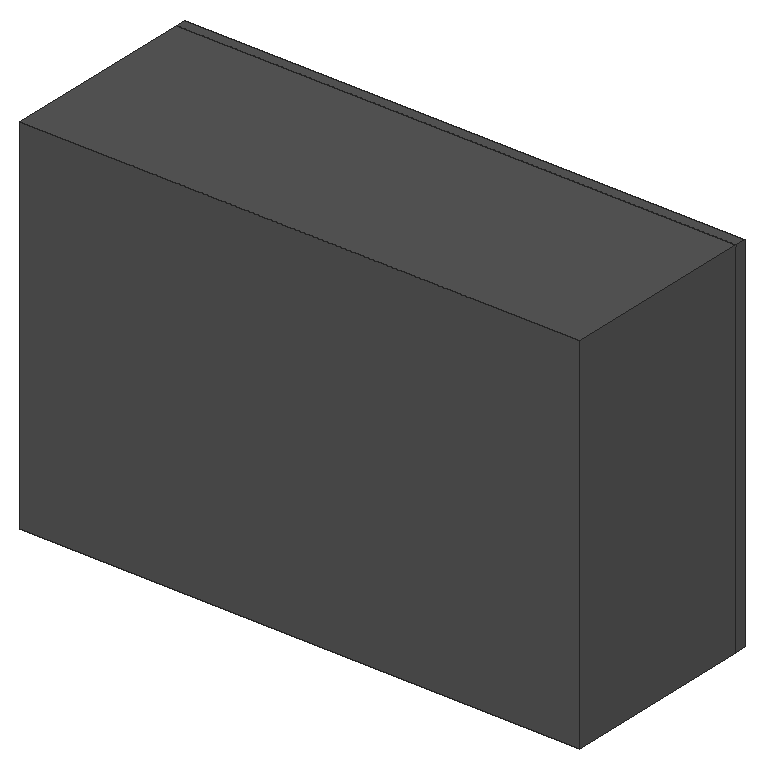
Revit family "ERA_LF_WR_LPR-021", category Осветительные приборы, Revit 2019
Family settings
  Размер круглого соединителя = Использовать диаметр
  Тип детали = Нормальный
  Номер OmniClass = 23.80.70.00
  Заголовок OmniClass = Lighting
  На основе рабочей плоскости = Нет
  Всегда вертикально = Да
  При загрузке вырезать с полостями = Нет
  Источник света = Да
  Общий = Нет
  Точка расчета площади = Да
Parameters (values of type "LPR-021-0-30K-010, LED, IP65, 95х62х35 мм (ДхШхВ), 10 Вт, 3000 К, 620 лм, класс защиты I, в комплекте (линейный ac/dc без гальваничесокй развязки)")
  built-in parameter 1150104 = 13.8 (stored number, unit not read)
  built-in parameter 1150134 = 3
  Photometric Web File = "LPR-021-0-30K-010.ies"
  Tilt Angle = 90.00°
  УГО_Смещение по оси Y [instance] = 1000.00 mm
  УГО_Смещение по оси X [instance] = 1000.00 mm
  built-in parameter 1150137 = (empty or 0)
  built-in parameter 1150132 = 2
  built-in parameter 1150114 = 1 (stored number, unit not read)
  Dimming Lamp Color Temperature Shift = (empty or 0)
  built-in parameter 1150105 = 486.97 (stored number, unit not read)
  Color Filter = 16777215
  Lumens = 620 lm
  built-in parameter 1150109 = 1 (stored number, unit not read)
  built-in parameter 1150112 = 1 (stored number, unit not read)
  built-in parameter 1150110 = 1 (stored number, unit not read)
  built-in parameter 1150113 = 1 (stored number, unit not read)
  built-in parameter 1150115 = 1 (stored number, unit not read)
  built-in parameter 1114218 = 1 (stored number, unit not read)
  built-in parameter 1114217 = 1 (stored number, unit not read)
  built-in parameter 1150106 = 4.8697 (stored number, unit not read)
  built-in parameter 1150142 = "IESNA:LM-63-1995\r\n[DATA] 28.01.2020\r\n[MANUFAC]??РА\r\n[LUMCAT] \r\n[LUMINAIRE]  LPR-021-0-30K-010\r\n[LAMP] Светодиодный модуль\r\nTILT=NONE\r\n1 700 0.611 91 2 1 2 0.062 0.095 0.035\r\n1 1 8.2\r\n0 1 2 3 4 5 6 7 8 9 10 11 12 13 14 15 16 17 18 19 20 21 22 23 24 25 26 27 28 29 30 31 32 33 34 35 36 37 38 39 40 41 42 43 44 45 46 47 48 49 50 51 52 53 54 55 56 57 58 59 60 61 62 63 64 65 66 67 68 69 70 71 72 73 74 75 76 77 78 79 80 81 82 83 84 85 86 87 88 89 90 \r\n0 90 \r\n377.3 377.2 377.1 376.7 376.7 375.9 374.9 374.4 373 371.9 370.7 369.4 368.2 366.8 364.9 363.6 361.7 359.3 357.1 355.3 353.5 351.3 348.4 345.5 342.7 340.2 337.4 334.2 330.8 327.5 324 320.9 317.3 313.6 309.8 305.8 301.7 297.4 292.8 288.2 283.3 278.4 273.4 267.8 262.5 257 251.4 245.6 239.5 233.2 226.7 220.2 213.7 207.1 200.6 194 186.8 179.2 171.4 163.5 155.8 148 140.1 131.6 122.6 112.9 102.6 92.2 82.6 74 65.9 57.4 48.9 40.8 33.6 27.1 21 15.7 11.3 7.7 5.1 3.4 2.2 1.6 0 0 0 0 0 0 0\r\n377.3 377.2 377.1 376.7 376.7 375.9 374.9 374.4 373 371.9 370.7 369.4 368.2 366.8 364.9 363.6 361.7 359.3 357.1 355.3 353.5 351.3 348.4 345.5 342.7 340.2 337.4 334.2 330.8 327.5 324 320.9 317.3 313.6 309.8 305.8 301.7 297.4 292.8 288.2 283.3 278.4 273.4 267.8 262.5 257 251.4 245.6 239.5 233.2 226.7 220.2 213.7 207.1 200.6 194 186.8 179.2 171.4 163.5 155.8 148 140.1 131.6 122.6 112.9 102.6 92.2 82.6 74 65.9 57.4 48.9 40.8 33.6 27.1 21 15.7 11.3 7.7 5.1 3.4 2.2 1.6 0 0 0 0 0 0 0\r\n"
  built-in parameter 1150133 = 10 (stored number, unit not read)
  Wattage = 9.2903 W
  built-in parameter 1150139 = (empty or 0)
  built-in parameter 1150138 = (empty or 0)
  built-in parameter 1150107 = 3000 (stored number, unit not read)
  built-in parameter 1150102 = (empty or 0)
  Emit from Rectangle Width = _Корпус_Ширина  # 62.00 mm
  Emit from Rectangle Length = _Корпус_Длина  # 95.00 mm
  Emit Shape Visible in Rendering = no
  _УГО_Ширина = if(_Корпус_Ширина / УГО_Масштаб < 1.00 mm, 1.00 mm, _Корпус_Ширина / УГО_Масштаб)  # 1.00 mm
  УГО_Масштаб = 100
  _УГО_Длина = if(_Корпус_Длина / УГО_Масштаб < 1.00 mm, 1.00 mm, _Корпус_Длина / УГО_Масштаб)  # 1.00 mm
  _УГО_Диаметр = if(_Корпус_Длина / УГО_Масштаб < 1.00 mm, 1.00 mm, _Корпус_Длина / УГО_Масштаб)  # 1.00 mm
  УГО_Видимость [instance] = not(УГО_Реальный размер)  # yes
  УГО_Аварийный [instance] = no
  Тип установки = "Настенный"
  Степень защиты IP = "IP65"
  Разработчик модели = "https://www.teslabim.ru"
  _Корпус_Ширина = if(ADSK_Размер_Ширина < 1.00 mm, 1.00 mm, ADSK_Размер_Ширина)  # 62.00 mm
  _Корпус_Длина = if(ADSK_Размер_Длина < 1.00 mm, 1.00 mm, ADSK_Размер_Длина)  # 95.00 mm
  built-in parameter 1114216 [instance] = 1 (stored number, unit not read)
  Цвет = Чёрный
  УГО_Реальный размер [instance] = no
  Description = ""
  Lamp = ""
  Комплект = "Линейный AC/DC без гальваничесокй развязки"
  Класс пожароопасности = "Нет"
  Класс защиты = "I"
  Источник света = "LED"
  Manufacturer = ""
  Геометрия изделия = "Прямоугольный"
  _Корпус_Диаметр = if(ADSK_Размер_Диаметр < 1.00 mm, 1.00 mm, ADSK_Размер_Диаметр)  # 1.00 mm
  _Корпус_Высота = if(ADSK_Размер_Высота < 1.00 mm, 1.00 mm, ADSK_Размер_Высота)  # 35.00 mm
  URL = "https://www.eraworld.ru/catalog/2648968"
  ADSK_Размер_Ширина = 62.00 mm
  ADSK_Размер_Длина = 95.00 mm
  ADSK_Размер_Диаметр = 0.00 mm
  ADSK_Примечание = "Линейный AC/DC без гальваничесокй развязки"
  ADSK_Полная мощность = ADSK_Номинальная мощность / ADSK_Коэффициент мощности  # 11.1111 VA
  ADSK_Позиция = ""
  ADSK_Номинальная мощность = 10 W
  ADSK_Напряжение = 230 V
  ADSK_Наименование краткое = "Светильник"
  ADSK_Масса = 0.13
  ADSK_Марка = "LPR-021-0-30K-010"
  ADSK_Коэффициент мощности = 0.9
  ADSK_Количество фаз = 1
  ADSK_Код изделия = ""
  ADSK_Классификация нагрузок = Освещение
  ADSK_Размер_Высота = 35.00 mm
  ADSK_Обозначение = ADSK_Марка  # "LPR-021-0-30K-010"
  ADSK_Наименование = "Светильник, LED, прямоугольный, настенный, IP65, 95х62х35 мм (ДхШхВ), 10 Вт, 3000 К, 620 лм, класс защиты I, в комплекте (линейный ac/dc без гальваничесокй развязки)"
  ADSK_Завод-изготовитель = "ЭРА"
  ADSK_Единица измерения = "шт."
Reference planes
  plane 1 "По центру (Вперед/Назад)": y = 0
  plane 2: z = 0
  plane 3 "По центру (Влево/Вправо)": x = 0
  plane 4 "X": x = 1000
  plane 5 "Y": y = -900
  plane 6 "ИС": y = 35
Lines and regions (mm)
  reference lines
    curve 1: line (50, 100, 0) -> (150, 100, 0)
    curve 2: line (0, -50, 0) -> (0, 50, 0)
  reference lines, not visible
    curve 3: line (651.535, -544.594, 0) -> (751.535, -544.594, 0)
    curve 4: line (601.535, -694.594, 0) -> (601.535, -594.594, 0)
Dimensions and locks
  "УГО_Смещение по оси X": curve 2 to plane 4 "X"
  "УГО_Смещение по оси Y": plane 5 "Y" to curve 1
  "_Корпус_Высота": plane 6 "ИС" to plane 1 "По центру (Вперед/Назад)"
  "_Корпус_Высота": plane 1 "По центру (Вперед/Назад)" to plane 6 "ИС"
  aligned and locked: level to plane 2
  aligned and locked: nested 1 to plane 3 "По центру (Влево/Вправо)"
  aligned and locked: nested 1 to plane 2
  aligned and locked: plane 2 to imposter light
  aligned and locked: imposter light to plane 6 "ИС"
  aligned and locked: nested 2 to curve 1
  aligned and locked: curve 2 to nested 2
Nested families
  nested 1: "GM_ОП_Пр_Корпус" at (0, 0, 0) x (0, 0, -1) z (0, 1, 0), type "GM_ОП_Пр_Корпус"
    with Рассеиватель_Высота 1.75 mm, Корпус_Ширина 62.00 mm, Корпус_Длина 95.00 mm, Корпус_Высота 35.00 mm, Кант_Ширина 3.10 mm
  nested 2: "GA_УГО_ОП_н_Пр" at (0, 100, 0), visible <- "УГО_Видимость", type "GA_УГО_ОП_н_Пр", detail levels coarse+medium
    with Аварийный no
Connectors
  electrical at (0, 0, 0), driven by "ADSK_Коэффициент мощности", driven by "ADSK_Количество фаз", driven by "ADSK_Классификация нагрузок", driven by "ADSK_Напряжение", driven by "ADSK_Полная мощность"
    settings: index 1, voltage 230 V, apparent load 11.1111 VA, apparent load phase1 0 VA, apparent load phase2 0 VA, apparent load phase3 0 VA, power factor 0.9, load classification "Освещение", number of poles 1, system type 30, power factor state 1, is connector primary yes, connector utility no, sub classification motor no, connector description ""
Definition of nested family "GM_ОП_Пр_Корпус"
  Parameters (values of type "GM_ОП_Пр_Корпус")
    Рассеиватель_Высота = Корпус_Высота * 0.05  # 1.25 mm
    Корпус_Ширина = 42.00 mm
    Цвет = none
    Реальный размер = no
    Default Elevation = 0.00 mm
    Корпус_Длина = 260.00 mm
    Корпус_Высота = 25.00 mm
    Кант_Ширина = Корпус_Ширина * 0.05  # 2.10 mm
  Reference planes
    plane 1 "По центру (Вперед/Назад)": y = 0
    plane 2: z = 0
    plane 3 "По центру (Влево/Вправо)": x = 0
    plane 4 "Ш1": x = 21
    plane 5 "Ш2": x = -21
    plane 6 "Д1": y = 130
    plane 7 "Д2": y = -130
    plane 8 "В": z = 25
    plane 9 "Р": z = 23.75
  Forms (mm)
    Extrusion 1, solid, material <- "Цвет", detail levels fine
      sketch origin (0, 0, 0) x (1, 0, 0) y (0, 1, 0)
        loop
          line (21, -130) -> (21, 130) -> (-21, 130) -> (-21, -130) -> (21, -130)
      from 0 to 23.75
    Extrusion 2, solid, visible <- "Реальный размер", detail levels coarse+medium
      sketch origin (0, 0, 0) x (1, 0, 0) y (0, 1, 0)
        loop
          line (-21, 130) -> (-21, -130) -> (21, -130) -> (21, 130) -> (-21, 130)
      from 0 to 25 <- "Корпус_Высота"
  Dimensions and locks
    equal spacing: plane 5 "Ш2", plane 3 "По центру (Влево/Вправо)", plane 4 "Ш1"
    "Корпус_Ширина": plane 5 "Ш2" to plane 4 "Ш1"
    equal spacing: plane 6 "Д1", plane 1 "По центру (Вперед/Назад)", plane 7 "Д2"
    "Корпус_Длина": plane 6 "Д1" to plane 7 "Д2"
    "Корпус_Высота": plane 2 to plane 8 "В"
    "Рассеиватель_Высота": plane 9 "Р" to plane 8 "В"
    aligned and locked: level to plane 2
    aligned and locked: Extrusion 1 to plane 5 "Ш2"
    aligned and locked: Extrusion 1 to plane 4 "Ш1"
    aligned and locked: Extrusion 1 to plane 6 "Д1"
    aligned and locked: plane 7 "Д2" to Extrusion 1
    aligned and locked: plane 6 "Д1" to Extrusion 2 sketch curve
    aligned and locked: Extrusion 2 sketch curve to plane 7 "Д2"
    aligned and locked: Extrusion 2 sketch curve to plane 5 "Ш2"
    aligned and locked: plane 4 "Ш1" to Extrusion 2 sketch curve
    aligned and locked: Extrusion 1 to plane 2
    aligned and locked: Extrusion 2 to plane 2
    aligned and locked: nested 1 to plane 8 "В"
    aligned and locked: plane 3 "По центру (Влево/Вправо)" to nested 1
    aligned and locked: plane 1 "По центру (Вперед/Назад)" to nested 1
    aligned and locked: Extrusion 1 to plane 9 "Р"
  Automatic sketch dimensions
    Extrusion 1 sketch curve to plane 5 "Ш2" = 0.00 mm
    Extrusion 1 sketch curve to plane 4 "Ш1" = 0.00 mm
    plane 7 "Д2" to Extrusion 1 sketch curve = 0.00 mm
    plane 6 "Д1" to Extrusion 1 sketch curve = 0.00 mm
  Nested families
    nested 1: "GM_ОП_Пр_Рассеиватель" at (0, 0, 23.75), type "GM_ОП_Пр_Рассеиватель"
      with Корпус_Ширина 42.00 mm, Корпус_Длина 260.00 mm, Корпус_Высота 1.25 mm
  Definition of nested family "GM_ОП_Пр_Рассеиватель"
    Parameters (values of type "GM_ОП_Пр_Рассеиватель")
      Корпус_Ширина = 80.00 mm
      Цвет = none
      Default Elevation = 1000.00 mm
      Корпус_Длина = 100.00 mm
      Корпус_Высота = 1.30 mm
      Кант_Ширина = 5.00 mm
    Reference planes
      plane 1 "По центру (Вперед/Назад)": y = 0
      plane 2: z = 0
      plane 3 "По центру (Влево/Вправо)": x = 0
      plane 4 "Ш1": x = 40
      plane 5 "Ш2": x = -40
      plane 6 "Д1": y = 50
      plane 7 "Д2": y = -50
    Forms (mm)
      Extrusion 1, solid, material <- "Цвет", detail levels fine
        sketch origin (0, 0, 0) x (1, 0, 0) y (0, 1, 0)
          loop
            line (40, -50) -> (40, 50) -> (-40, 50) -> (-40, -50) -> (40, -50)
          loop
            line (-35, 45) -> (-35, -45) -> (35, -45) -> (35, 45) -> (-35, 45)
        from 0 to 1.3 <- "Корпус_Высота"
      Extrusion 2, solid, detail levels fine
        sketch origin (20, -32.684, 0) x (1, 0, 0) y (0, 1, 0)
          loop
            line (-55, 77.684) -> (-55, -12.316) -> (15, -12.316) -> (15, 77.684) -> (-55, 77.684)
        from 0 to 1.3 <- "Корпус_Высота"
    Dimensions and locks
      equal spacing: plane 5 "Ш2", plane 3 "По центру (Влево/Вправо)", plane 4 "Ш1"
      "Корпус_Ширина": plane 5 "Ш2" to plane 4 "Ш1"
      equal spacing: plane 6 "Д1", plane 1 "По центру (Вперед/Назад)", plane 7 "Д2"
      "Корпус_Длина": plane 6 "Д1" to plane 7 "Д2"
      "Кант_Ширина": plane 5 "Ш2" to Extrusion 2 sketch curve
      "Кант_Ширина": Extrusion 2 sketch curve to plane 4 "Ш1"
      "Кант_Ширина": plane 6 "Д1" to Extrusion 2 sketch curve
      "Кант_Ширина": plane 7 "Д2" to Extrusion 2 sketch curve
      aligned and locked: level to plane 2
      aligned and locked: plane 5 "Ш2" to Extrusion 1
      aligned and locked: Extrusion 1 to plane 4 "Ш1"
      aligned and locked: Extrusion 1 to plane 6 "Д1"
      aligned and locked: plane 7 "Д2" to Extrusion 1
      aligned and locked: Extrusion 1 to plane 2
      aligned and locked: Extrusion 1 sketch curve to Extrusion 2  (x4)
    Automatic sketch dimensions
      Extrusion 1 sketch curve to plane 5 "Ш2" = 0.00 mm
      Extrusion 1 sketch curve to plane 4 "Ш1" = 0.00 mm
      plane 7 "Д2" to Extrusion 1 sketch curve = 0.00 mm
      plane 6 "Д1" to Extrusion 1 sketch curve = 0.00 mm
Definition of nested family "GA_УГО_ОП_н_Пр"
  Parameters (values of type "GA_УГО_ОП_н_Пр")
    Ширина = 1.00 mm
    Длина = 1.00 mm
    Аварийный = yes
  Reference planes
    plane 1: y = 0
    plane 2: x = 0
  Lines and regions (mm)
    Masking region 1
      outline origin (-3.791, 0.433, 0) x (1, 0, 0) y (0, 1, 0)
        loop
          line (3.291, 0.567) -> (3.291, -0.433) -> (4.291, -0.433) -> (4.291, 0.567) -> (3.291, 0.567)
    reference lines
      curve 1: line (0.5, 2, 0) -> (0.5, 1, 0)
      curve 2: line (0.5, 1, 0) -> (1.5, 1, 0)
    reference lines, not visible
      curve 3: line (1.88, 1.985, 0) -> (1.88, 0.985, 0)
      curve 4: line (1.88, 0.985, 0) -> (2.88, 0.985, 0)
  Text (mm)
    text "А" at (0.659, 3.406, 0), visible <- "Аварийный"
    text "А" at (2.039, 3.391, 0), visible <- "Аварийный", not visible
  Dimensions and locks
    equal spacing: Masking region 1, plane 2, Masking region 1
    "Длина": Masking region 1 to Masking region 1
    "Ширина": plane 1 to Masking region 1
    aligned and locked: Masking region 1 sketch curve to plane 1
    aligned and locked: Masking region 1 to curve 2
    aligned and locked: curve 1 to Masking region 1
  Automatic sketch dimensions
    Masking region 1 sketch curve to plane 2 = 0.50 mm
    plane 2 to Masking region 1 sketch curve = 0.50 mm
    Masking region 1 sketch curve to plane 1 = 1.00 mm
Types (16, lengths in mm): name | Photometric Web File | Lumens | built-in parameter 1150142 | built-in parameter 1150107 | Emit from Rectangle Width | Emit from Rectangle Length | _УГО_Ширина | _УГО_Длина | _УГО_Диаметр | _Корпус_Ширина | _Корпус_Длина | _Корпус_Высота | URL | ADSK_Размер_Ширина | ADSK_Размер_Длина | ADSK_Полная мощность | ADSK_Номинальная мощность | ADSK_Масса | ADSK_Марка | ADSK_Размер_Высота | ADSK_Обозначение | ADSK_Наименование
  LPR-021-0-30K-010, LED, IP65, 95х62х35 мм (ДхШхВ), 10 Вт, 3000 К, 620 лм, класс защиты I, в комплекте (линейный ac/dc без гальваничесокй развязки) | "LPR-021-0-30K-010.ies" | 620 lm | "IESNA:LM-63-1995\r\n[DATA] 28.01.2020\r\n[MANUFAC]??РА\r\n[LUMCAT] \r\n[LUMINAIRE]  LPR-021-0-30K-010\r\n[LAMP] Светодиодный модуль\r\nTILT=NONE\r\n1 700 0.611 91 2 1 2 0.062 0.095 0.035\r\n1 1 8.2\r\n0 1 2 3 4 5 6 7 8 9 10 11 12 13 14 15 16 17 18 19 20 21 22 23 24 25 26 27 28 29 30 31 32 33 34 35 36 37 38 39 40 41 42 43 44 45 46 47 48 49 50 51 52 53 54 55 56 57 58 59 60 61 62 63 64 65 66 67 68 69 70 71 72 73 74 75 76 77 78 79 80 81 82 83 84 85 86 87 88 89 90 \r\n0 90 \r\n377.3 377.2 377.1 376.7 376.7 375.9 374.9 374.4 373 371.9 370.7 369.4 368.2 366.8 364.9 363.6 361.7 359.3 357.1 355.3 353.5 351.3 348.4 345.5 342.7 340.2 337.4 334.2 330.8 327.5 324 320.9 317.3 313.6 309.8 305.8 301.7 297.4 292.8 288.2 283.3 278.4 273.4 267.8 262.5 257 251.4 245.6 239.5 233.2 226.7 220.2 213.7 207.1 200.6 194 186.8 179.2 171.4 163.5 155.8 148 140.1 131.6 122.6 112.9 102.6 92.2 82.6 74 65.9 57.4 48.9 40.8 33.6 27.1 21 15.7 11.3 7.7 5.1 3.4 2.2 1.6 0 0 0 0 0 0 0\r\n377.3 377.2 377.1 376.7 376.7 375.9 374.9 374.4 373 371.9 370.7 369.4 368.2 366.8 364.9 363.6 361.7 359.3 357.1 355.3 353.5 351.3 348.4 345.5 342.7 340.2 337.4 334.2 330.8 327.5 324 320.9 317.3 313.6 309.8 305.8 301.7 297.4 292.8 288.2 283.3 278.4 273.4 267.8 262.5 257 251.4 245.6 239.5 233.2 226.7 220.2 213.7 207.1 200.6 194 186.8 179.2 171.4 163.5 155.8 148 140.1 131.6 122.6 112.9 102.6 92.2 82.6 74 65.9 57.4 48.9 40.8 33.6 27.1 21 15.7 11.3 7.7 5.1 3.4 2.2 1.6 0 0 0 0 0 0 0\r\n" | 3000 (stored number, unit not read) | 62.00 | 95.00 | 1.00 | 1.00 | 1.00 | 62.00 | 95.00 | 35.00 | "https://www.eraworld.ru/catalog/2648968" | 62.00 | 95.00 | 11.1111 VA | 10 W | 0.13 | "LPR-021-0-30K-010" | 35.00 | "LPR-021-0-30K-010" | "Светильник, LED, прямоугольный, настенный, IP65, 95х62х35 мм (ДхШхВ), 10 Вт, 3000 К, 620 лм, класс защиты I, в комплекте (линейный ac/dc без гальваничесокй развязки)"
  LPR-021-0-30K-020, LED, IP65, 125х75х35 мм (ДхШхВ), 20 Вт, 3000 К, 1160 лм, класс защиты I, в комплекте (линейный ac/dc без гальваничесокй развязки) | "LPR-021-0-30K-020.ies" | 1160 lm | "IESNA:LM-63-1995\r\n[DATA] 28.01.2020\r\n[MANUFAC]??РА\r\n[LUMCAT] \r\n[LUMINAIRE] LPR-021-0-30K-020\r\n[LAMP] Светодиодный модуль\r\nTILT=NONE\r\n1 1350 1.1611 91 2 1 2 0.136 0.188 0.053\r\n1 1 16.02\r\n0 1 2 3 4 5 6 7 8 9 10 11 12 13 14 15 16 17 18 19 20 21 22 23 24 25 26 27 28 29 30 31 32 33 34 35 36 37 38 39 40 41 42 43 44 45 46 47 48 49 50 51 52 53 54 55 56 57 58 59 60 61 62 63 64 65 66 67 68 69 70 71 72 73 74 75 76 77 78 79 80 81 82 83 84 85 86 87 88 89 90 \r\n0 90 \r\n377.3 377.2 377.1 376.7 376.7 375.9 374.9 374.4 373 371.9 370.7 369.4 368.2 366.8 364.9 363.6 361.7 359.3 357.1 355.3 353.5 351.3 348.4 345.5 342.7 340.2 337.4 334.2 330.8 327.5 324 320.9 317.3 313.6 309.8 305.8 301.7 297.4 292.8 288.2 283.3 278.4 273.4 267.8 262.5 257 251.4 245.6 239.5 233.2 226.7 220.2 213.7 207.1 200.6 194 186.8 179.2 171.4 163.5 155.8 148 140.1 131.6 122.6 112.9 102.6 92.2 82.6 74 65.9 57.4 48.9 40.8 33.6 27.1 21 15.7 11.3 7.7 5.1 3.4 2.2 1.6 0 0 0 0 0 0 0\r\n377.3 377.2 377.1 376.7 376.7 375.9 374.9 374.4 373 371.9 370.7 369.4 368.2 366.8 364.9 363.6 361.7 359.3 357.1 355.3 353.5 351.3 348.4 345.5 342.7 340.2 337.4 334.2 330.8 327.5 324 320.9 317.3 313.6 309.8 305.8 301.7 297.4 292.8 288.2 283.3 278.4 273.4 267.8 262.5 257 251.4 245.6 239.5 233.2 226.7 220.2 213.7 207.1 200.6 194 186.8 179.2 171.4 163.5 155.8 148 140.1 131.6 122.6 112.9 102.6 92.2 82.6 74 65.9 57.4 48.9 40.8 33.6 27.1 21 15.7 11.3 7.7 5.1 3.4 2.2 1.6 0 0 0 0 0 0 0\r\n" | 3000 (stored number, unit not read) | 75.00 | 125.00 | 1.00 | 1.25 | 1.25 | 75.00 | 125.00 | 35.00 | "https://www.eraworld.ru/catalog/2648971" | 75.00 | 125.00 | 22.2222 VA | 20 W | 0.191 | "LPR-021-0-30K-020" | 35.00 | "LPR-021-0-30K-020" | "Светильник, LED, прямоугольный, настенный, IP65, 125х75х35 мм (ДхШхВ), 20 Вт, 3000 К, 1160 лм, класс защиты I, в комплекте (линейный ac/dc без гальваничесокй развязки)"
  LPR-021-0-30K-030, LED, IP65, 139х104х35 мм (ДхШхВ), 30 Вт, 3000 К, 2200 лм, класс защиты I, в комплекте (линейный ac/dc без гальваничесокй развязки) | "LPR-021-0-30K-030.ies" | 2200 lm | "IESNA:LM-63-1995\r\n[DATA] 28.01.2020\r\n[MANUFAC]??РА\r\n[LUMCAT] \r\n[LUMINAIRE] LPR-021-0-30K-030 \r\n[LAMP] Светодиодный модуль\r\nTILT=NONE\r\n1 2500 2.199 91 2 1 2 0.104 0.139 0.035\r\n1 1 24.48\r\n0 1 2 3 4 5 6 7 8 9 10 11 12 13 14 15 16 17 18 19 20 21 22 23 24 25 26 27 28 29 30 31 32 33 34 35 36 37 38 39 40 41 42 43 44 45 46 47 48 49 50 51 52 53 54 55 56 57 58 59 60 61 62 63 64 65 66 67 68 69 70 71 72 73 74 75 76 77 78 79 80 81 82 83 84 85 86 87 88 89 90 \r\n0 90 \r\n377.3 377.2 377.1 376.7 376.7 375.9 374.9 374.4 373 371.9 370.7 369.4 368.2 366.8 364.9 363.6 361.7 359.3 357.1 355.3 353.5 351.3 348.4 345.5 342.7 340.2 337.4 334.2 330.8 327.5 324 320.9 317.3 313.6 309.8 305.8 301.7 297.4 292.8 288.2 283.3 278.4 273.4 267.8 262.5 257 251.4 245.6 239.5 233.2 226.7 220.2 213.7 207.1 200.6 194 186.8 179.2 171.4 163.5 155.8 148 140.1 131.6 122.6 112.9 102.6 92.2 82.6 74 65.9 57.4 48.9 40.8 33.6 27.1 21 15.7 11.3 7.7 5.1 3.4 2.2 1.6 0 0 0 0 0 0 0\r\n377.3 377.2 377.1 376.7 376.7 375.9 374.9 374.4 373 371.9 370.7 369.4 368.2 366.8 364.9 363.6 361.7 359.3 357.1 355.3 353.5 351.3 348.4 345.5 342.7 340.2 337.4 334.2 330.8 327.5 324 320.9 317.3 313.6 309.8 305.8 301.7 297.4 292.8 288.2 283.3 278.4 273.4 267.8 262.5 257 251.4 245.6 239.5 233.2 226.7 220.2 213.7 207.1 200.6 194 186.8 179.2 171.4 163.5 155.8 148 140.1 131.6 122.6 112.9 102.6 92.2 82.6 74 65.9 57.4 48.9 40.8 33.6 27.1 21 15.7 11.3 7.7 5.1 3.4 2.2 1.6 0 0 0 0 0 0 0\r\n" | 3000 (stored number, unit not read) | 104.00 | 139.00 | 1.04 | 1.39 | 1.39 | 104.00 | 139.00 | 35.00 | "https://www.eraworld.ru/catalog/2648974" | 104.00 | 139.00 | 33.3333 VA | 30 W | 0.273 | "LPR-021-0-30K-030" | 35.00 | "LPR-021-0-30K-030" | "Светильник, LED, прямоугольный, настенный, IP65, 139х104х35 мм (ДхШхВ), 30 Вт, 3000 К, 2200 лм, класс защиты I, в комплекте (линейный ac/dc без гальваничесокй развязки)"
  LPR-021-0-30K-050, LED, IP65, 183х131х36 мм (ДхШхВ), 50 Вт, 3000 К, 3200 лм, класс защиты I, в комплекте (линейный ac/dc без гальваничесокй развязки) | "LPR-021-0-30K-050.ies" | 3200 lm | "IESNA:LM-63-1995\r\n[DATA] 28.01.2020\r\n[MANUFAC]  ЭРА\r\n[LUMCAT] \r\n[LUMINAIRE] LPR-021-0-30K-050  \r\n[LAMP] Светодиодный модуль\r\nTILT=NONE\r\n1 3700 3.223 91 2 1 2 0.131 0.183 0.036\r\n1 1 35.013\r\n0 1 2 3 4 5 6 7 8 9 10 11 12 13 14 15 16 17 18 19 20 21 22 23 24 25 26 27 28 29 30 31 32 33 34 35 36 37 38 39 40 41 42 43 44 45 46 47 48 49 50 51 52 53 54 55 56 57 58 59 60 61 62 63 64 65 66 67 68 69 70 71 72 73 74 75 76 77 78 79 80 81 82 83 84 85 86 87 88 89 90 \r\n0 90 \r\n377.3 377.2 377.1 376.7 376.7 375.9 374.9 374.4 373 371.9 370.7 369.4 368.2 366.8 364.9 363.6 361.7 359.3 357.1 355.3 353.5 351.3 348.4 345.5 342.7 340.2 337.4 334.2 330.8 327.5 324 320.9 317.3 313.6 309.8 305.8 301.7 297.4 292.8 288.2 283.3 278.4 273.4 267.8 262.5 257 251.4 245.6 239.5 233.2 226.7 220.2 213.7 207.1 200.6 194 186.8 179.2 171.4 163.5 155.8 148 140.1 131.6 122.6 112.9 102.6 92.2 82.6 74 65.9 57.4 48.9 40.8 33.6 27.1 21 15.7 11.3 7.7 5.1 3.4 2.2 1.6 0 0 0 0 0 0 0\r\n377.3 377.2 377.1 376.7 376.7 375.9 374.9 374.4 373 371.9 370.7 369.4 368.2 366.8 364.9 363.6 361.7 359.3 357.1 355.3 353.5 351.3 348.4 345.5 342.7 340.2 337.4 334.2 330.8 327.5 324 320.9 317.3 313.6 309.8 305.8 301.7 297.4 292.8 288.2 283.3 278.4 273.4 267.8 262.5 257 251.4 245.6 239.5 233.2 226.7 220.2 213.7 207.1 200.6 194 186.8 179.2 171.4 163.5 155.8 148 140.1 131.6 122.6 112.9 102.6 92.2 82.6 74 65.9 57.4 48.9 40.8 33.6 27.1 21 15.7 11.3 7.7 5.1 3.4 2.2 1.6 0 0 0 0 0 0 0\r\n" | 3000 (stored number, unit not read) | 131.00 | 183.00 | 1.31 | 1.83 | 1.83 | 131.00 | 183.00 | 36.00 | "https://www.eraworld.ru/catalog/2648977" | 131.00 | 183.00 | 55.5556 VA | 50 W | 0.435 | "LPR-021-0-30K-050" | 36.00 | "LPR-021-0-30K-050" | "Светильник, LED, прямоугольный, настенный, IP65, 183х131х36 мм (ДхШхВ), 50 Вт, 3000 К, 3200 лм, класс защиты I, в комплекте (линейный ac/dc без гальваничесокй развязки)"
  LPR-021-0-40K-010, LED, IP65, 95х62х35 мм (ДхШхВ), 10 Вт, 4000 К, 620 лм, класс защиты I, в комплекте (линейный ac/dc без гальваничесокй развязки) | "LPR-021-0-40K-010.ies" | 620 lm | "IESNA:LM-63-1995\r\n[DATA] 28.01.2020\r\n[MANUFAC]??РА\r\n[LUMCAT] \r\n[LUMINAIRE]  LPR-021-0-40K-010 \r\n[LAMP] Светодиодный модуль\r\nTILT=NONE\r\n1 700 0.610 91 2 1 2 0.062 0.095 0.035\r\n1 1 8.13\r\n0 1 2 3 4 5 6 7 8 9 10 11 12 13 14 15 16 17 18 19 20 21 22 23 24 25 26 27 28 29 30 31 32 33 34 35 36 37 38 39 40 41 42 43 44 45 46 47 48 49 50 51 52 53 54 55 56 57 58 59 60 61 62 63 64 65 66 67 68 69 70 71 72 73 74 75 76 77 78 79 80 81 82 83 84 85 86 87 88 89 90 \r\n0 90 \r\n377.3 377.2 377.1 376.7 376.7 375.9 374.9 374.4 373 371.9 370.7 369.4 368.2 366.8 364.9 363.6 361.7 359.3 357.1 355.3 353.5 351.3 348.4 345.5 342.7 340.2 337.4 334.2 330.8 327.5 324 320.9 317.3 313.6 309.8 305.8 301.7 297.4 292.8 288.2 283.3 278.4 273.4 267.8 262.5 257 251.4 245.6 239.5 233.2 226.7 220.2 213.7 207.1 200.6 194 186.8 179.2 171.4 163.5 155.8 148 140.1 131.6 122.6 112.9 102.6 92.2 82.6 74 65.9 57.4 48.9 40.8 33.6 27.1 21 15.7 11.3 7.7 5.1 3.4 2.2 1.6 0 0 0 0 0 0 0\r\n377.3 377.2 377.1 376.7 376.7 375.9 374.9 374.4 373 371.9 370.7 369.4 368.2 366.8 364.9 363.6 361.7 359.3 357.1 355.3 353.5 351.3 348.4 345.5 342.7 340.2 337.4 334.2 330.8 327.5 324 320.9 317.3 313.6 309.8 305.8 301.7 297.4 292.8 288.2 283.3 278.4 273.4 267.8 262.5 257 251.4 245.6 239.5 233.2 226.7 220.2 213.7 207.1 200.6 194 186.8 179.2 171.4 163.5 155.8 148 140.1 131.6 122.6 112.9 102.6 92.2 82.6 74 65.9 57.4 48.9 40.8 33.6 27.1 21 15.7 11.3 7.7 5.1 3.4 2.2 1.6 0 0 0 0 0 0 0\r\n" | 4000 (stored number, unit not read) | 62.00 | 95.00 | 1.00 | 1.00 | 1.00 | 62.00 | 95.00 | 35.00 | "https://www.eraworld.ru/catalog/2648969" | 62.00 | 95.00 | 11.1111 VA | 10 W | 0.13 | "LPR-021-0-40K-010" | 35.00 | "LPR-021-0-40K-010" | "Светильник, LED, прямоугольный, настенный, IP65, 95х62х35 мм (ДхШхВ), 10 Вт, 4000 К, 620 лм, класс защиты I, в комплекте (линейный ac/dc без гальваничесокй развязки)"
  LPR-021-0-40K-020, LED, IP65, 125х75х35 мм (ДхШхВ), 20 Вт, 4000 К, 1160 лм, класс защиты I, в комплекте (линейный ac/dc без гальваничесокй развязки) | "LPR-021-0-40K-020.ies" | 1160 lm | "IESNA:LM-63-1995\r\n[DATA] 28.01.2020\r\n[MANUFAC]??РА\r\n[LUMCAT] \r\n[LUMINAIRE]  LPR-021-0-40K-020\r\n[LAMP] Светодиодный модуль\r\nTILT=NONE\r\n1 1350 1.161 91 2 1 2 0.136 0.188 0.053\r\n1 1 15.95\r\n0 1 2 3 4 5 6 7 8 9 10 11 12 13 14 15 16 17 18 19 20 21 22 23 24 25 26 27 28 29 30 31 32 33 34 35 36 37 38 39 40 41 42 43 44 45 46 47 48 49 50 51 52 53 54 55 56 57 58 59 60 61 62 63 64 65 66 67 68 69 70 71 72 73 74 75 76 77 78 79 80 81 82 83 84 85 86 87 88 89 90 \r\n0 90 \r\n377.3 377.2 377.1 376.7 376.7 375.9 374.9 374.4 373 371.9 370.7 369.4 368.2 366.8 364.9 363.6 361.7 359.3 357.1 355.3 353.5 351.3 348.4 345.5 342.7 340.2 337.4 334.2 330.8 327.5 324 320.9 317.3 313.6 309.8 305.8 301.7 297.4 292.8 288.2 283.3 278.4 273.4 267.8 262.5 257 251.4 245.6 239.5 233.2 226.7 220.2 213.7 207.1 200.6 194 186.8 179.2 171.4 163.5 155.8 148 140.1 131.6 122.6 112.9 102.6 92.2 82.6 74 65.9 57.4 48.9 40.8 33.6 27.1 21 15.7 11.3 7.7 5.1 3.4 2.2 1.6 0 0 0 0 0 0 0\r\n377.3 377.2 377.1 376.7 376.7 375.9 374.9 374.4 373 371.9 370.7 369.4 368.2 366.8 364.9 363.6 361.7 359.3 357.1 355.3 353.5 351.3 348.4 345.5 342.7 340.2 337.4 334.2 330.8 327.5 324 320.9 317.3 313.6 309.8 305.8 301.7 297.4 292.8 288.2 283.3 278.4 273.4 267.8 262.5 257 251.4 245.6 239.5 233.2 226.7 220.2 213.7 207.1 200.6 194 186.8 179.2 171.4 163.5 155.8 148 140.1 131.6 122.6 112.9 102.6 92.2 82.6 74 65.9 57.4 48.9 40.8 33.6 27.1 21 15.7 11.3 7.7 5.1 3.4 2.2 1.6 0 0 0 0 0 0 0\r\n" | 4000 (stored number, unit not read) | 75.00 | 125.00 | 1.00 | 1.25 | 1.25 | 75.00 | 125.00 | 35.00 | "https://www.eraworld.ru/catalog/2648972" | 75.00 | 125.00 | 22.2222 VA | 20 W | 0.191 | "LPR-021-0-40K-020" | 35.00 | "LPR-021-0-40K-020" | "Светильник, LED, прямоугольный, настенный, IP65, 125х75х35 мм (ДхШхВ), 20 Вт, 4000 К, 1160 лм, класс защиты I, в комплекте (линейный ac/dc без гальваничесокй развязки)"
  LPR-021-0-40K-030, LED, IP65, 139х104х35 мм (ДхШхВ), 30 Вт, 4000 К, 2200 лм, класс защиты I, в комплекте (линейный ac/dc без гальваничесокй развязки) | "LPR-021-0-40K-030.ies" | 2200 lm | "IESNA:LM-63-1995\r\n[DATA] 28.01.2020\r\n[MANUFAC]??РА\r\n[LUMCAT] \r\n[LUMINAIRE] LPR-021-0-40K-030 \r\n[LAMP] Светодиодный модуль\r\nTILT=NONE\r\n1 2500 2.205 91 2 1 2 0.104 0.139 0.035\r\n1 1 25.012\r\n0 1 2 3 4 5 6 7 8 9 10 11 12 13 14 15 16 17 18 19 20 21 22 23 24 25 26 27 28 29 30 31 32 33 34 35 36 37 38 39 40 41 42 43 44 45 46 47 48 49 50 51 52 53 54 55 56 57 58 59 60 61 62 63 64 65 66 67 68 69 70 71 72 73 74 75 76 77 78 79 80 81 82 83 84 85 86 87 88 89 90 \r\n0 90 \r\n377.3 377.2 377.1 376.7 376.7 375.9 374.9 374.4 373 371.9 370.7 369.4 368.2 366.8 364.9 363.6 361.7 359.3 357.1 355.3 353.5 351.3 348.4 345.5 342.7 340.2 337.4 334.2 330.8 327.5 324 320.9 317.3 313.6 309.8 305.8 301.7 297.4 292.8 288.2 283.3 278.4 273.4 267.8 262.5 257 251.4 245.6 239.5 233.2 226.7 220.2 213.7 207.1 200.6 194 186.8 179.2 171.4 163.5 155.8 148 140.1 131.6 122.6 112.9 102.6 92.2 82.6 74 65.9 57.4 48.9 40.8 33.6 27.1 21 15.7 11.3 7.7 5.1 3.4 2.2 1.6 0 0 0 0 0 0 0\r\n377.3 377.2 377.1 376.7 376.7 375.9 374.9 374.4 373 371.9 370.7 369.4 368.2 366.8 364.9 363.6 361.7 359.3 357.1 355.3 353.5 351.3 348.4 345.5 342.7 340.2 337.4 334.2 330.8 327.5 324 320.9 317.3 313.6 309.8 305.8 301.7 297.4 292.8 288.2 283.3 278.4 273.4 267.8 262.5 257 251.4 245.6 239.5 233.2 226.7 220.2 213.7 207.1 200.6 194 186.8 179.2 171.4 163.5 155.8 148 140.1 131.6 122.6 112.9 102.6 92.2 82.6 74 65.9 57.4 48.9 40.8 33.6 27.1 21 15.7 11.3 7.7 5.1 3.4 2.2 1.6 0 0 0 0 0 0 0\r\n" | 4000 (stored number, unit not read) | 104.00 | 139.00 | 1.04 | 1.39 | 1.39 | 104.00 | 139.00 | 35.00 | "https://www.eraworld.ru/catalog/2648975" | 104.00 | 139.00 | 33.3333 VA | 30 W | 0.273 | "LPR-021-0-40K-030" | 35.00 | "LPR-021-0-40K-030" | "Светильник, LED, прямоугольный, настенный, IP65, 139х104х35 мм (ДхШхВ), 30 Вт, 4000 К, 2200 лм, класс защиты I, в комплекте (линейный ac/dc без гальваничесокй развязки)"
  LPR-021-0-40K-050, LED, IP65, 183х131х36 мм (ДхШхВ), 50 Вт, 4000 К, 3200 лм, класс защиты I, в комплекте (линейный ac/dc без гальваничесокй развязки) | "LPR-021-0-40K-050.ies" | 3200 lm | "IESNA:LM-63-1995\r\n[DATA] 28.01.2020\r\n[MANUFAC]  ЭРА\r\n[LUMCAT] \r\n[LUMINAIRE] LPR-021-0-40K-050\r\n[LAMP] Светодиодный модуль\r\nTILT=NONE\r\n1 3700 3.212 91 2 1 2 0.131 0.183 0.036\r\n1 1 35.014\r\n0 1 2 3 4 5 6 7 8 9 10 11 12 13 14 15 16 17 18 19 20 21 22 23 24 25 26 27 28 29 30 31 32 33 34 35 36 37 38 39 40 41 42 43 44 45 46 47 48 49 50 51 52 53 54 55 56 57 58 59 60 61 62 63 64 65 66 67 68 69 70 71 72 73 74 75 76 77 78 79 80 81 82 83 84 85 86 87 88 89 90 \r\n0 90 \r\n377.3 377.2 377.1 376.7 376.7 375.9 374.9 374.4 373 371.9 370.7 369.4 368.2 366.8 364.9 363.6 361.7 359.3 357.1 355.3 353.5 351.3 348.4 345.5 342.7 340.2 337.4 334.2 330.8 327.5 324 320.9 317.3 313.6 309.8 305.8 301.7 297.4 292.8 288.2 283.3 278.4 273.4 267.8 262.5 257 251.4 245.6 239.5 233.2 226.7 220.2 213.7 207.1 200.6 194 186.8 179.2 171.4 163.5 155.8 148 140.1 131.6 122.6 112.9 102.6 92.2 82.6 74 65.9 57.4 48.9 40.8 33.6 27.1 21 15.7 11.3 7.7 5.1 3.4 2.2 1.6 0 0 0 0 0 0 0\r\n377.3 377.2 377.1 376.7 376.7 375.9 374.9 374.4 373 371.9 370.7 369.4 368.2 366.8 364.9 363.6 361.7 359.3 357.1 355.3 353.5 351.3 348.4 345.5 342.7 340.2 337.4 334.2 330.8 327.5 324 320.9 317.3 313.6 309.8 305.8 301.7 297.4 292.8 288.2 283.3 278.4 273.4 267.8 262.5 257 251.4 245.6 239.5 233.2 226.7 220.2 213.7 207.1 200.6 194 186.8 179.2 171.4 163.5 155.8 148 140.1 131.6 122.6 112.9 102.6 92.2 82.6 74 65.9 57.4 48.9 40.8 33.6 27.1 21 15.7 11.3 7.7 5.1 3.4 2.2 1.6 0 0 0 0 0 0 0\r\n" | 4000 (stored number, unit not read) | 131.00 | 183.00 | 1.31 | 1.83 | 1.83 | 131.00 | 183.00 | 36.00 | "https://www.eraworld.ru/catalog/2648978" | 131.00 | 183.00 | 55.5556 VA | 50 W | 0.435 | "LPR-021-0-40K-050" | 36.00 | "LPR-021-0-40K-050" | "Светильник, LED, прямоугольный, настенный, IP65, 183х131х36 мм (ДхШхВ), 50 Вт, 4000 К, 3200 лм, класс защиты I, в комплекте (линейный ac/dc без гальваничесокй развязки)"
  LPR-021-0-65K-010, LED, IP65, 95х62х35 мм (ДхШхВ), 10 Вт, 6500 К, 620 лм, класс защиты I, в комплекте (линейный ac/dc без гальваничесокй развязки) | "LPR-021-0-65K-010.ies" | 620 lm | "IESNA:LM-63-1995\r\n[DATA] 28.01.2020\r\n[MANUFAC]??РА\r\n[LUMCAT] \r\n[LUMINAIRE]  LPR-021-0-65K-010 \r\n[LAMP] Светодиодный модуль\r\nTILT=NONE\r\n1 700 0.609 91 2 1 2 0.062 0.095 0.026\r\n1 1 8.217\r\n0 1 2 3 4 5 6 7 8 9 10 11 12 13 14 15 16 17 18 19 20 21 22 23 24 25 26 27 28 29 30 31 32 33 34 35 36 37 38 39 40 41 42 43 44 45 46 47 48 49 50 51 52 53 54 55 56 57 58 59 60 61 62 63 64 65 66 67 68 69 70 71 72 73 74 75 76 77 78 79 80 81 82 83 84 85 86 87 88 89 90 \r\n0 90 \r\n377.3 377.2 377.1 376.7 376.7 375.9 374.9 374.4 373 371.9 370.7 369.4 368.2 366.8 364.9 363.6 361.7 359.3 357.1 355.3 353.5 351.3 348.4 345.5 342.7 340.2 337.4 334.2 330.8 327.5 324 320.9 317.3 313.6 309.8 305.8 301.7 297.4 292.8 288.2 283.3 278.4 273.4 267.8 262.5 257 251.4 245.6 239.5 233.2 226.7 220.2 213.7 207.1 200.6 194 186.8 179.2 171.4 163.5 155.8 148 140.1 131.6 122.6 112.9 102.6 92.2 82.6 74 65.9 57.4 48.9 40.8 33.6 27.1 21 15.7 11.3 7.7 5.1 3.4 2.2 1.6 0 0 0 0 0 0 0\r\n377.3 377.2 377.1 376.7 376.7 375.9 374.9 374.4 373 371.9 370.7 369.4 368.2 366.8 364.9 363.6 361.7 359.3 357.1 355.3 353.5 351.3 348.4 345.5 342.7 340.2 337.4 334.2 330.8 327.5 324 320.9 317.3 313.6 309.8 305.8 301.7 297.4 292.8 288.2 283.3 278.4 273.4 267.8 262.5 257 251.4 245.6 239.5 233.2 226.7 220.2 213.7 207.1 200.6 194 186.8 179.2 171.4 163.5 155.8 148 140.1 131.6 122.6 112.9 102.6 92.2 82.6 74 65.9 57.4 48.9 40.8 33.6 27.1 21 15.7 11.3 7.7 5.1 3.4 2.2 1.6 0 0 0 0 0 0 0\r\n" | 6500 (stored number, unit not read) | 62.00 | 95.00 | 1.00 | 1.00 | 1.00 | 62.00 | 95.00 | 35.00 | "https://www.eraworld.ru/catalog/2648970" | 62.00 | 95.00 | 11.1111 VA | 10 W | 0.13 | "LPR-021-0-65K-010" | 35.00 | "LPR-021-0-65K-010" | "Светильник, LED, прямоугольный, настенный, IP65, 95х62х35 мм (ДхШхВ), 10 Вт, 6500 К, 620 лм, класс защиты I, в комплекте (линейный ac/dc без гальваничесокй развязки)"
